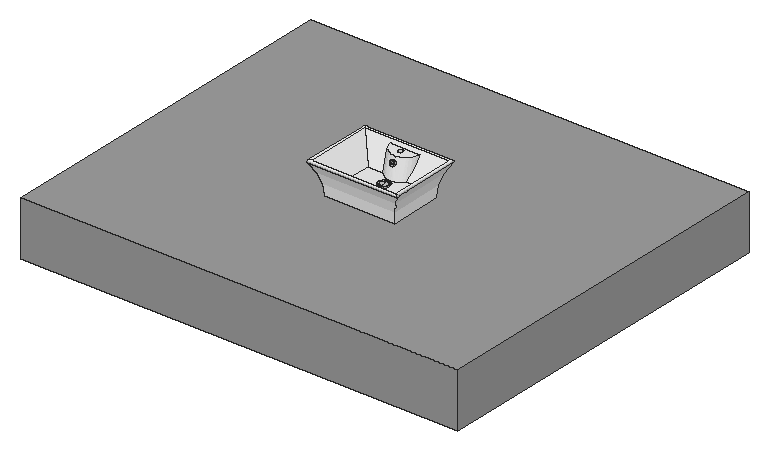
Revit family
Parameters
  Width = 500 mm  # constant formula
  Waste Connection Radius = Waste Connection Diameter / 2  # 20 mm
  Waste Connection = 1 = 1  # yes
  Vent Connection = 1 = 0  # no
  URL = "www.vaalsan.co.za"
  Product Code = "7043"
  Omniclass Title = "Sinks/Lavatories"
  Omniclass Number = "23.45.05.14.14"
  Model = "Oriele Art Surface Mounted Basin"
  Manufacturer = "Vaal Sanitaryware"  # constant formula
  Depth = 400 mm  # constant formula
  Height = 187 mm  # constant formula
  HW Connection = 1 = 0  # no
  Family created by = "www.rbuiltcomponents.com"
  Default Elevation = 0 mm
  Waste Connection Diameter = 40 mm  # constant formula
  CW Connection = 1 = 0  # no
  Body Finish = Vitreous China-Vaal-White
  Assembly Code = "D2010310"
Reference planes
  plane 1 "Front": y = -20
  plane 2: z = 0
  plane 3 "Center (Left/Right)": x = 0
  plane 4 "Back": y = 380
  plane 5 "45 2": through (-1219.2, -1219.2, 0) normal (-0.5, -0.5, 0.7071)
  plane 6: x = -250
  plane 7: x = 250
  plane 8 "Top": z = 187
  plane 9 "Bottom": z = 0
  plane 10: y = 205
Forms (mm)
  Extrusion 1, solid
    sketch origin (0, 0, 0) x (1, 0, 0) y (0, 1, 0)
      loop
        line (-1219.2, 1219.2) -> (-1219.2, -804.487) -> (1219.2, -804.487) -> (1219.2, 1219.2) -> (-1219.2, 1219.2)
    from 0 to -304.8
Dimensions and locks
  equal spacing: plane 6, plane 3 "Center (Left/Right)", plane 7
  locked: plane 6 to plane 7 at 500
  locked: plane 8 "Top" to plane 9 "Bottom" at 187
  locked: plane 10 to plane 4 "Back" at 175
  locked: plane 1 "Front" to plane 4 "Back" at 400
  locked: connector elem to plane 4 "Back" at 175
  locked: connector elem to plane 3 "Center (Left/Right)"
  aligned and locked: plane 2 to Extrusion 1
  aligned and locked: level to Extrusion 1
  aligned and locked: plane 3 "Center (Left/Right)" to nested 1
  aligned and locked: plane 4 "Back" to nested 1
  aligned and locked: plane 9 "Bottom" to nested 1
Automatic sketch dimensions
  Extrusion 1 sketch curve to Extrusion 1 sketch curve = 2438.4 mm
  Extrusion 1 sketch curve to Extrusion 1 sketch curve = 2023.687 mm
Nested families
  nested 1: "Vaal-Oriele" at (0, 343, 0), type "Vaal-Oriele"
Connectors
  piping at (0, 205, 0), driven by "Waste Connection Radius"
    settings: on nested 1, index 1
Definition of nested family "Vaal-Oriele"
  Parameters
    Width = 500 mm  # constant formula
    Waste Connection Radius = Waste Connection Diameter / 2  # 20 mm
    Waste Connection = 1 = 1  # yes
    Vent Connection = 1 = 0  # no
    URL = "www.vaalsan.co.za"
    Product Code = "7043"
    Omniclass Title = "Sinks/Lavatories"
    Omniclass Number = "23.45.05.14.14"
    Model = "Oriele Art Surface Mounted Basin"
    Manufacturer = "Vaal Sanitaryware"  # constant formula
    Depth = 400 mm  # constant formula
    Height = 187 mm  # constant formula
    HW Connection = 1 = 1  # yes
    Family created by = "www.rbuiltcomponents.com"
    Waste Connection Diameter = 40 mm  # constant formula
    CW Connection = 1 = 1  # yes
    Body Finish = Vitreous China-Vaal-White
    Assembly Code = "D2010310"
  Reference planes
    plane 1 "Bottom": z = 0
    plane 2 "Center (Left/Right)": x = 0
    plane 3 "Back": y = 37
    plane 4: y = -138
    plane 5 "Front": y = -363
    plane 6 "Right": x = 250
    plane 7 "Left": x = -250
    plane 8 "Top": z = 187
  Forms (mm)
    Revolve 1, void
      sketch origin (0, 15, 19.159) x (0, 1, 0) y (0, 0, 1)
        loop
          line (-153, -19.159) -> (-153, 41.533) -> (-185.25, 41.533) -> (-185.25, 35.841)
          arc (-185.25, 35.841) -> (-180.738, 32.379) -> (-177.635, 27.613) r 16.839
          line (-177.635, 27.613) -> (-177.635, -19.159) -> (-153, -19.159)
        axis (-153, 41.533) -> (-153, -19.159)
      angle from 0 to 360
    Revolve 2, solid, material "Chrome"
      sketch origin (0, 15, 27.039) x (0, 1, 0) y (0, 0, 1)
        loop
          line (-153, 24.586) -> (-153, 27.961)
          arc (-153, 27.961) -> (-163.608, 27.724) -> (-174.195, 27.011) r 236.768
          arc (-174.195, 27.011) -> (-174.849, 26.447) -> (-174.525, 25.646) r 0.741
          line (-174.525, 25.646) -> (-184.504, 28.889)
          arc (-184.504, 28.889) -> (-185.159, 28.555) -> (-184.825, 27.9) r 0.52
          line (-184.825, 27.9) -> (-174.627, 24.586) -> (-153, 24.586)
        axis (-153, 24.586) -> (-153, 28.889)
      angle from 0 to 360
    Sweep 3, solid, material "Vitreous China-Vaal-White" <- "Body Finish"
      path origin (0, 0, 0) x (1, 0, 0) y (0, 1, 0)
        loop
          line (195, -308) -> (195, -18) -> (-195, -18) -> (-195, -308) -> (195, -308)
      profile origin (0, -308, 0) x (0, -1, 0) y (0, 0, 1)
        loop
          arc (0, 0) -> (13.47, 90.495) -> (52.711, 173.145) r 310.725
          arc (52.711, 173.145) -> (50.572, 184.014) -> (39.702, 181.875) r 7.833
          line (39.702, 181.875) -> (-45, 55.654) -> (-45, 0) -> (0, 0)
    Extrusion 4, solid, material "Vitreous China-Vaal-White" <- "Body Finish"
      sketch origin (0, 0, 0) x (1, 0, 0) y (0, 0, 1)
        loop
          line (-150, 55.654) -> (-150, 0) -> (150, 0) -> (150, 55.654) -> (-150, 55.654)
      from 23 to 273
    Blend 5, solid, material "Vitreous China-Vaal-White" <- "Body Finish"
      base sketch origin (0, 0, 0) x (1, 0, 0) y (0, 1, 0)
        loop
          arc (-80, -15.5) -> (0, -95.5) -> (80, -15.5) r 80
          line (80, -15.5) -> (-80, -15.5)
      top sketch origin (0, 0, 0) x (1, 0, 0) y (0, 1, 0)
        loop
          arc (-80, 12) -> (0, -68) -> (80, 12) r 80
          line (80, 12) -> (-80, 12)
      from 55.654 to 165
    Extrusion 6, void
      sketch origin (0, 0, 0) x (1, 0, 0) y (0, 1, 0)
        loop
          circle (0, -21) r 15
      from 207.3 to 0
    Blend 7, void
      base sketch origin (0, 12.5, 0) x (1, 0, 0) y (0, 1, 0)
        loop
          arc (-69.955, -18) -> (0, -85.5) -> (69.955, -18) r 70
          line (69.955, -18) -> (69.955, 37) -> (-69.955, 37) -> (-69.955, -18)
      top sketch origin (0, 12.5, 0) x (1, 0, 0) y (0, 1, 0)
        loop
          arc (-69.986, 10.581) -> (-0.541, -57.998) -> (69.955, 9.5) r 70
          line (69.955, 9.5) -> (69.955, 37) -> (-69.986, 37) -> (-69.986, 10.581)
      from 0 to 150.972
    Extrusion 8, solid, material "Chrome"
      sketch origin (-235.5, -70.467, 154.686) x (0, -0.241922, -0.970296) y (1, 0, 0)
        loop
          arc (22.404, 245.494) -> (12.37, 235.5) -> (22.404, 225.506) r 9.994
          arc (22.404, 225.506) -> (32.441, 235.5) -> (22.404, 245.494) r 9.994
        loop
          arc (22.408, 220.506) -> (37.445, 235.5) -> (22.408, 250.494) r 14.994
          arc (22.408, 250.494) -> (7.37, 235.5) -> (22.408, 220.506) r 14.994
      from 0.3 to 3
    Revolve 9, solid, material "Chrome"
      sketch origin (0, -41.406, 0.138) x (0, 0.970296, -0.241922) y (0, 0.241922, 0.970296)
        loop
          line (-66.554, 109.38) -> (-36.554, 109.38) -> (-36.554, 110.38) -> (-66.554, 110.38) -> (-66.554, 109.38)
        axis (-36.554, 120.375) -> (-66.554, 120.375)
      angle from 0 to 360
    Extrusion 10, void
      sketch origin (0, -97.683, 14.17) x (1, 0, 0) y (0, 0.241922, 0.970296)
        loop
          circle (0, 120.375) r 11
      from 17.5 to -26.273
  Cuts and joins
    Extrusion 6, Blend 7, Extrusion 10 cuts Sweep 3
    Revolve 1, Extrusion 6, Blend 7, Extrusion 10 cuts Extrusion 4
    Extrusion 6, Blend 7, Extrusion 10 cuts Blend 5
    joined: Sweep 3, Extrusion 4, Blend 5
  Lines and regions (mm)
    Masking region 1
      outline origin (0, 0, 150) x (-1, 0, 0) y (0, -1, 0)
        loop
          arc (240, -37) -> (247.071, -34.071) -> (250, -27) r 10
          line (250, -27) -> (250, 353)
          arc (250, 353) -> (247.071, 360.071) -> (240, 363) r 10
          line (240, 363) -> (-240, 363)
          arc (-240, 363) -> (-247.071, 360.071) -> (-250, 353) r 10
          line (-250, 353) -> (-250, -27)
          arc (-250, -27) -> (-247.071, -34.071) -> (-240, -37) r 10
          line (-240, -37) -> (240, -37)
    Masking region 2
      outline origin (0, 37, 0) x (1, 0, 0) y (0, 0, 1)
        loop
          arc (-240.131, 187) -> (-248.071, 182.237) -> (-247.607, 172.989) r 9
          arc (-247.607, 172.989) -> (-209.168, 92.757) -> (-195.039, 4.921) r 310.725
          arc (-195.039, 4.921) -> (-193.547, 1.437) -> (-190.04, 0) r 5
          line (-190.04, 0) -> (190.04, 0)
          arc (190.04, 0) -> (193.547, 1.437) -> (195.039, 4.921) r 5
          arc (195.039, 4.921) -> (209.168, 92.757) -> (247.607, 172.989) r 310.725
          arc (247.607, 172.989) -> (248.071, 182.237) -> (240.131, 187) r 9
          line (240.131, 187) -> (-240.131, 187)
    Masking region 3
      outline origin (0, 0, 0) x (0, 1, 0) y (0, 0, 1)
        loop
          line (27.131, 187) -> (-353.131, 187)
          arc (-353.131, 187) -> (-361.071, 182.237) -> (-360.607, 172.989) r 9
          arc (-360.607, 172.989) -> (-322.168, 92.757) -> (-308.039, 4.921) r 310.725
          arc (-308.039, 4.921) -> (-306.547, 1.437) -> (-303.04, 0) r 5
          line (-303.04, 0) -> (-22.96, 0)
          arc (-22.96, 0) -> (-19.453, 1.437) -> (-17.961, 4.921) r 5
          arc (-17.961, 4.921) -> (-3.832, 92.757) -> (34.607, 172.989) r 310.725
          arc (34.607, 172.989) -> (35.071, 182.237) -> (27.131, 187) r 9
    symbolic lines, detail levels fine
      curve 1: line (-138, -63, 150) -> (-27.839, -63, 150)
      curve 2: line (-150, -251, 150) -> (-150, -75, 150)
      curve 3: line (138, -263, 150) -> (-138, -263, 150)
      curve 4: line (150, -75, 150) -> (150, -251, 150)
      curve 5: arc (-138, -63, 150) -> (-146.485, -66.515, 150) -> (-150, -75, 150) r 12
      curve 6: arc (-138, -263, 150) -> (-146.485, -259.485, 150) -> (-150, -251, 150) r 12
      curve 7: arc (138, -263, 150) -> (146.485, -259.485, 150) -> (150, -251, 150) r 12
      curve 8: arc (150, -75, 150) -> (146.485, -66.515, 150) -> (138, -63, 150) r 12
      curve 9: circle (0, -138, 150) r 20 normal (0, 0, 1)
      curve 10: circle (0, -138, 150) r 37.5 normal (0, 0, 1)
      curve 22: line (27.839, -63, 150) -> (138, -63, 150)
    symbolic lines, style "Basin"
      curve 11: arc (-220, 17, 0) -> (-227.071, 14.071, 0) -> (-230, 7, 0) r 10
      curve 12: arc (230, 7, 0) -> (227.071, 14.071, 0) -> (220, 17, 0) r 10
      curve 13: arc (220, -343, 0) -> (227.071, -340.071, 0) -> (230, -333, 0) r 10
      curve 14: arc (-230, -333, 0) -> (-227.071, -340.071, 0) -> (-220, -343, 0) r 10
      curve 15: line (-230, 7, 0) -> (-230, -333, 0)
      curve 16: line (-220, -343, 0) -> (220, -343, 0)
      curve 17: line (230, -333, 0) -> (230, 7, 0)
      curve 18: line (220, 17, 0) -> (-220, 17, 0)
    symbolic lines, style "Basin", detail levels fine
      curve 19: arc (-79.984, 10.378, 0) -> (0, -68, 0) -> (79.984, 10.378, 0) r 80
      curve 20: arc (-15, -21, 0) -> (0, -36, 0) -> (15, -21, 0) r 15
      curve 21: arc (15, -21, 0) -> (0, -6, 0) -> (-15, -21, 0) r 15
  Dimensions and locks
    plane 4 to plane 3 "Back" = 175 mm
    locked: plane 5 "Front" to plane 3 "Back" at 400
    equal spacing: plane 7 "Left", plane 2 "Center (Left/Right)", plane 6 "Right"
    locked: plane 7 "Left" to plane 6 "Right" at 500
    locked: plane 8 "Top" to plane 1 "Bottom" at 187
    Blend 5 sketch curve to plane 3 "Back" = 52.5 mm
    Extrusion 6 sketch curve to plane 3 "Back" = 58 mm
    aligned and locked: plane 7 "Left" to Masking region 1 sketch curve
    aligned and locked: Masking region 1 sketch curve to plane 6 "Right"
    aligned and locked: Masking region 1 sketch curve to plane 5 "Front"
    aligned and locked: curve 19 to cut or joined group of Revolve 1, Sweep 3, Extrusion 4, Blend 5, Extrusion 6, Blend 7, Extrusion 10
    aligned and locked: curve 20 to cut or joined group of Revolve 1, Sweep 3, Extrusion 4, Blend 5, Extrusion 6, Blend 7, Extrusion 10
    aligned and locked: plane 8 "Top" to Masking region 2
    aligned and locked: Masking region 2 sketch curve to cut or joined group of Revolve 1, Sweep 3, Extrusion 4, Blend 5, Extrusion 6, Blend 7, Extrusion 10  (x2)
    aligned and locked: Masking region 3 sketch curve to cut or joined group of Revolve 1, Sweep 3, Extrusion 4, Blend 5, Extrusion 6, Blend 7, Extrusion 10  (x2)
  Automatic sketch dimensions
    curve 9 to curve 10 = 0 mm  (x2)
    curve 10 to plane 2 "Center (Left/Right)" = 0 mm
    curve 9 to plane 4 = 0 mm
    curve 3 to plane 6 "Right" = 112 mm
    curve 22 to plane 6 "Right" = 112 mm
    curve 4 to curve 8 = 12 mm
    plane 7 "Left" to curve 6 = 112 mm
    plane 7 "Left" to curve 5 = 112 mm
    curve 5 to curve 2 = 12 mm
    plane 3 "Back" to curve 5 = 112 mm
    curve 4 to plane 5 "Front" = 112 mm
    Revolve 1 sketch curve to plane 4 = 0 mm  (x2)
    Revolve 1 sketch curve to Revolve 1 sketch curve = 24.635 mm
    Revolve 1 sketch curve to Revolve 1 sketch curve = 7.615 mm
    Revolve 1 sketch curve to Revolve 1 sketch curve = 7.846 mm
    level to Revolve 1 sketch curve = 0 mm
    Revolve 1 sketch curve to Revolve 1 sketch curve = 19.159 mm
    level to Revolve 1 sketch curve = 40.1 mm
    level to Revolve 1 sketch curve = 46.773 mm
    Revolve 1 sketch curve to Revolve 1 sketch curve = 10.949 mm
    Revolve 1 sketch curve to Revolve 1 sketch curve = 2.971 mm
    Revolve 2 sketch curve to plane 4 = 0 mm  (x2)
    plane 4 to Revolve 2 sketch curve = 21.129 mm
    Revolve 2 sketch curve to Revolve 2 sketch curve = 0.396 mm
    Revolve 2 sketch curve to Revolve 2 sketch curve = 0.066 mm
    Revolve 2 sketch curve to Revolve 2 sketch curve = 0 mm
    Revolve 2 sketch curve to Revolve 2 sketch curve = 0.102 mm
    Revolve 2 sketch curve to Revolve 2 sketch curve = 10.309 mm
    Revolve 2 sketch curve to Revolve 2 sketch curve = 0.161 mm  (x2)
    Revolve 2 sketch curve to level = 181.768 mm
    level to Revolve 2 sketch curve = 27.039 mm
    level to Revolve 2 sketch curve = 51.625 mm
    Revolve 2 sketch curve to Revolve 2 sketch curve = 1.06 mm
    Revolve 2 sketch curve to Revolve 2 sketch curve = 0.889 mm
    Revolve 2 sketch curve to Revolve 2 sketch curve = 0.494 mm
    Revolve 2 sketch curve to Revolve 2 sketch curve = 10.601 mm
    Masking region 1 sketch curve to plane 3 "Back" = 0 mm
    Masking region 1 sketch curve to plane 6 "Right" = 10 mm  (x2)
    plane 7 "Left" to Masking region 1 sketch curve = 10 mm  (x2)
    Extrusion 4 sketch curve to level = 0 mm
    plane 7 "Left" to Sweep 3 sketch curve = 55 mm
    Sweep 3 sketch curve to plane 5 "Front" = 55 mm
    plane 3 "Back" to Sweep 3 sketch curve = 55 mm
    Sweep 3 sketch curve to plane 6 "Right" = 55 mm
    Sweep 3 sketch curve to plane 1 "Bottom" = 0 mm
    Sweep 3 sketch curve to profile plane = 0 mm
    profile plane to Sweep 3 sketch curve = 45 mm
    Sweep 3 sketch curve to profile plane = 39.702 mm
    Sweep 3 sketch curve to Sweep 3 sketch curve = 6.505 mm  (x2)
    Sweep 3 sketch curve to Sweep 3 sketch curve = 0 mm
    Sweep 3 sketch curve to profile plane = 310.725 mm
    Sweep 3 sketch curve to Sweep 3 sketch curve = 55.654 mm
    plane 7 "Left" to Extrusion 4 sketch curve = 100 mm
    Extrusion 4 sketch curve to plane 6 "Right" = 100 mm
    level to Extrusion 4 sketch curve = 55.654 mm
    Blend 5 sketch curve to plane 2 "Center (Left/Right)" = 0 mm  (x2)
    plane 2 "Center (Left/Right)" to Blend 5 sketch curve = 80 mm  (x2)
    plane 3 "Back" to Blend 5 sketch curve = 25 mm
    Extrusion 6 sketch curve to plane 2 "Center (Left/Right)" = 0 mm
    Blend 7 sketch curve to plane 2 "Center (Left/Right)" = 0 mm  (x2)
    Blend 7 sketch curve to plane 3 "Back" = 12.5 mm  (x2)
    Blend 7 sketch curve to plane 2 "Center (Left/Right)" = 69.955 mm
    plane 2 "Center (Left/Right)" to Blend 7 sketch curve = 69.955 mm  (x2)
    plane 3 "Back" to Blend 7 sketch curve = 40 mm
    plane 3 "Back" to Blend 7 sketch curve = 42.5 mm
    Blend 7 sketch curve to plane 2 "Center (Left/Right)" = 69.986 mm
    plane 3 "Back" to Blend 7 sketch curve = 12.5 mm
    plane 3 "Back" to Blend 7 sketch curve = 13.919 mm
    plane 2 "Center (Left/Right)" to curve 22 = 27.839 mm
    curve 1 to plane 2 "Center (Left/Right)" = 27.839 mm
    curve 22 to curve 1 = 0 mm
    Masking region 2 sketch curve to plane 8 "Top" = 0 mm
    Masking region 2 sketch curve to level = 0 mm
    plane 7 "Left" to Masking region 2 sketch curve = 2.393 mm
    Masking region 2 sketch curve to Masking region 2 sketch curve = 0 mm  (x2)
    level to Masking region 2 sketch curve = 4.921 mm  (x2)
    plane 7 "Left" to Masking region 2 sketch curve = 54.961 mm
    Masking region 2 sketch curve to plane 6 "Right" = 9.869 mm
    Masking region 2 sketch curve to plane 6 "Right" = 2.393 mm
    Masking region 3 sketch curve to plane 8 "Top" = 0 mm
    Masking region 3 sketch curve to level = 0 mm
    Masking region 3 sketch curve to plane 5 "Front" = 2.393 mm
    level to Masking region 3 sketch curve = 4.921 mm  (x2)
    Masking region 3 sketch curve to Masking region 3 sketch curve = 0 mm  (x2)
    plane 3 "Back" to Masking region 3 sketch curve = 59.96 mm
    plane 3 "Back" to Masking region 3 sketch curve = 9.869 mm
    plane 3 "Back" to Masking region 3 sketch curve = 2.393 mm
    plane 3 "Back" to curve 19 = 26.622 mm  (x2)
    plane 7 "Left" to curve 14 = 30 mm
    plane 7 "Left" to curve 11 = 30 mm
    curve 14 to curve 14 = 10 mm
    curve 16 to plane 5 "Front" = 20 mm
    curve 16 to plane 6 "Right" = 30 mm
    curve 12 to plane 6 "Right" = 30 mm
    curve 13 to curve 17 = 10 mm
    plane 3 "Back" to curve 15 = 30 mm
    Extrusion 8 sketch curve to Extrusion 8 sketch curve = 0 mm  (x2)
    Extrusion 8 sketch curve to plane 2 "Center (Left/Right)" = 0 mm  (x3)
    Extrusion 8 sketch curve to Extrusion 8 sketch curve = 0.039 mm
    Extrusion 8 sketch curve to Extrusion 8 sketch curve = 0.004 mm  (x2)
    Extrusion 8 sketch curve to Extrusion 8 sketch curve = 0.082 mm
    Extrusion 8 sketch curve to plane 2 "Center (Left/Right)" = 9.994 mm
    Extrusion 8 sketch curve to Extrusion 8 sketch curve = 5 mm
    Revolve 9 sketch curve to plane 4 = 58.72 mm
    Revolve 9 sketch curve to plane 8 "Top" = 63.66 mm
    Revolve 9 sketch curve to Revolve 9 sketch curve = 0.962 mm
    Revolve 9 sketch curve to Revolve 9 sketch curve = 30 mm
    Revolve 9 sketch curve to Revolve 9 sketch curve = 13.554 mm
    Revolve 9 sketch curve to Revolve 9 sketch curve = 1 mm
    Revolve 9 sketch curve to Revolve 9 sketch curve = 9.995 mm
    Extrusion 10 sketch curve to plane 2 "Center (Left/Right)" = 0 mm
    radius of curve 9 = 20 mm
    radius of curve 10 = 37.5 mm
    radius of Extrusion 6 sketch curve = 15 mm
    radius of Extrusion 10 sketch curve = 11 mm
